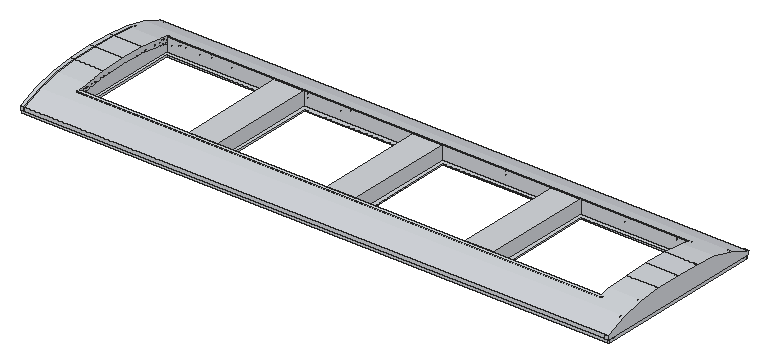
Revit family "Gira_0214331", category Electrical Fixtures, host Face, Revit 2017
Family settings
  Host = Face
  Maintain Annotation Orientation = No
  Round Connector Dimension = Use Diameter
  Part Type = Normal
  Cut with Voids When Loaded = No
  Shared = No
  Room Calculation Point = No
Parameters (values of type "Cov.fr. 4-g interm.fr. PW Gira Event Opaque dark brown")
  With mounting grid = "No"
  With hinged lid = "No"
  URL = "http://katalog.gira.de/en/datenblatt.html?artikelnr=0214331"
  Type of fastening = "Clamp mounting"
  Transparent = "No"
  Surface protection = "Other"
  Suitable for wall duct = "No"
  Suitable for flush-mounted installation = "Yes"
  Suitable for floor box = "No"
  Suitable for built-in installation = "No"
  Number of units vertical = "4"
  Number of units horizontal = "4"
  Number of units = "4"
  Name = "Cov.fr. 4-g interm.fr. PW Gira Event Opaque dark brown"
  Mounting direction = "Horizontal and vertical"
  Material quality = "Thermoplastic"
  Material = "Plastic"
  Manufacturer URL = "https://www.gira.de/"
  Manufacturer = "Gira"
  Label space/information surface = "No"
  Keynote = ""
  HeinzeBIM = "https://bimportal.heinze.de/bim/cov-fr-4-g-interm-fr-pw-gira-event-opaque-dark-brown/29a2aca03bf36f6b92650a260e191ee61d438113"
  Halogen free = "Yes"
  HAN = "0214331"
  GTIN = "4010337074717"
  Description = "Cov.fr.4g i.fr.PW EvOp DBN,Gira Event Opaque frames,dark brown with pure white glossy intermediate frame,4-gang,Features:,- Shatter-proof."
  Degree of protection (IP) = "IP20"
  Default Elevation = 1219.2 mm
  Data sheet (1) = "https://katalog.gira.de/en/download.html?artikelnr=0214331"
  Colour = "Brown"
  Category = "Cover frame for domestic switching devices"
  BIM (1) = "https://media.stage.bim.site/public/gira/36a6b08/Event_Rahmen_4fach.rfa"
  Available = "No"
Reference planes
  plane 1 "Center (Front/Back)": y = 0
  plane 2: z = 0
  plane 3 "Center (Left/Right)": x = 0
Forms (mm)
  Extrusion 1, solid, detail levels fine
    sketch origin (0, 0, 0.05) x (0, 1, 0) y (0, 0, 1)
      loop
        arc (12.445, 9.683) -> (6.223, 9.833) -> (0, 9.85) r 291.636
        arc (0, 9.85) -> (-6.223, 9.833) -> (-12.445, 9.683) r 291.636
        arc (-12.445, 9.683) -> (-29.14, 7.482) -> (-45, 1.823) r 79.728
        line (-45, 1.823) -> (-45, -0.05) -> (-42.086, -0.05)
        arc (-42.086, -0.05) -> (-21.385, 5.559) -> (0, 7.206) r 114.424
        arc (0, 7.206) -> (21.385, 5.559) -> (42.086, -0.05) r 114.424
        line (42.086, -0.05) -> (45, -0.05) -> (45, 1.823)
        arc (45, 1.823) -> (29.14, 7.482) -> (12.445, 9.683) r 79.728
    from -151.95 to 151.935
  Extrusion 2, void, detail levels fine
    sketch origin (0, 0, 0) x (1, 0, 0) y (0, 1, 0)
      loop
        line (134.95, 28.035) -> (-134.95, 28.035) -> (-134.95, -28.035) -> (134.95, -28.035) -> (134.95, 28.035)
    from 0.724 to 11
  Extrusion 3, solid, detail levels coarse
    sketch origin (0, 0, 0) x (1, 0, 0) y (0, 1, 0)
      loop
        line (-151.95, 45) -> (-151.95, -45) -> (151.935, -45) -> (151.935, 45) -> (-151.95, 45)
    from -1.5 to 9.9
  Extrusion 4, solid, detail levels medium
    sketch origin (0, 0, 0.05) x (0, 1, 0) y (0, 0, 1)
      loop
        arc (12.445, 9.683) -> (6.223, 9.833) -> (0, 9.85) r 291.636
        arc (0, 9.85) -> (-6.223, 9.833) -> (-12.445, 9.683) r 291.636
        arc (-12.445, 9.683) -> (-29.14, 7.482) -> (-45, 1.823) r 79.728
        line (-45, 1.823) -> (-45, -0.05) -> (45, -0.05) -> (45, 1.823)
        arc (45, 1.823) -> (29.14, 7.482) -> (12.445, 9.683) r 79.728
    from -151.95 to 151.935
  Extrusion 5, solid, detail levels fine
    sketch origin (-106.95, 0, -1.5) x (0, 1, 0) y (0, 0, -1)
      loop
        line (45, -3.373) -> (45, -1.5) -> (-45, -1.5) -> (-45, -3.373)
        arc (-45, -3.373) -> (-29.14, -9.032) -> (-12.445, -11.233) r 79.728
        arc (-12.445, -11.233) -> (-6.223, -11.383) -> (0, -11.4) r 291.636
        arc (0, -11.4) -> (6.223, -11.383) -> (12.445, -11.233) r 291.636
        arc (12.445, -11.233) -> (29.14, -9.032) -> (45, -3.373) r 79.728
    from 43 to 45
  Extrusion 6, solid, detail levels fine
    sketch origin (0, 0, 0) x (1, 0, 0) y (0, 1, 0)
      loop
        line (-132.85, 25.7) -> (-132.85, -25.7) -> (-81.05, -25.7) -> (-81.05, 25.7) -> (-132.85, 25.7)
      loop
        line (-9.755, -25.7) -> (-9.755, 25.7) -> (-61.555, 25.7) -> (-61.555, -25.7) -> (-9.755, -25.7)
      loop
        line (-135.845, 28.49) -> (-135.845, -28.495)
        spline (-135.845, -28.495) -> (-135.836, -28.625) -> (-135.811, -28.754) -> (-135.769, -28.878) -> (-135.711, -28.995) -> (-135.638, -29.104) -> (-135.552, -29.202) -> (-135.454, -29.288) -> (-135.345, -29.361) -> (-135.228, -29.419) -> (-135.104, -29.461) -> (-134.975, -29.486) -> (-134.845, -29.495)
        line (-134.845, -29.495) -> (134.845, -29.495)
        spline (134.845, -29.495) -> (134.975, -29.486) -> (135.104, -29.461) -> (135.228, -29.419) -> (135.345, -29.361) -> (135.454, -29.288) -> (135.552, -29.202) -> (135.638, -29.104) -> (135.711, -28.995) -> (135.769, -28.878) -> (135.811, -28.754) -> (135.836, -28.625) -> (135.845, -28.495)
        line (135.845, -28.495) -> (135.845, 28.49)
        spline (135.845, 28.49) -> (135.836, 28.62) -> (135.811, 28.748) -> (135.769, 28.872) -> (135.711, 28.99) -> (135.638, 29.098) -> (135.552, 29.197) -> (135.454, 29.283) -> (135.345, 29.356) -> (135.228, 29.413) -> (135.104, 29.456) -> (134.975, 29.481) -> (134.845, 29.49)
        line (134.845, 29.49) -> (-134.845, 29.49)
        spline (-134.845, 29.49) -> (-134.975, 29.481) -> (-135.104, 29.456) -> (-135.228, 29.413) -> (-135.345, 29.356) -> (-135.454, 29.283) -> (-135.552, 29.197) -> (-135.638, 29.098) -> (-135.711, 28.99) -> (-135.769, 28.872) -> (-135.811, 28.748) -> (-135.836, 28.62) -> (-135.845, 28.49)
      loop
        line (61.545, -25.7) -> (61.545, 25.7) -> (9.745, 25.7) -> (9.745, -25.7) -> (61.545, -25.7)
      loop
        line (132.85, -25.7) -> (132.85, 25.7) -> (81.05, 25.7) -> (81.05, -25.7) -> (132.85, -25.7)
    from 0.1 to 7.3
  Extrusion 7, solid
    sketch origin (0, 0, 0) x (1, 0, 0) y (0, 1, 0)
      loop
        arc (-151.65, -44.218) -> (-151.504, -44.572) -> (-151.15, -44.718) r 0.5
        line (-151.15, -44.718) -> (151.15, -44.718)
        arc (151.15, -44.718) -> (151.504, -44.572) -> (151.65, -44.218) r 0.5
        line (151.65, -44.218) -> (151.65, 44.182)
        arc (151.65, 44.182) -> (151.504, 44.535) -> (151.15, 44.682) r 0.5
        line (151.15, 44.682) -> (-151.15, 44.682)
        arc (-151.15, 44.682) -> (-151.504, 44.535) -> (-151.65, 44.182) r 0.5
        line (-151.65, 44.182) -> (-151.65, -44.218)
      loop
        line (-149.95, 42.982) -> (-149.95, -43.018) -> (149.95, -43.018) -> (149.95, 42.982) -> (-149.95, 42.982)
    from -1.5 to 0.5
  Extrusion 8, solid, detail levels fine
    sketch origin (106.935, 0, -1.5) x (0, 1, 0) y (0, 0, 1)
      loop
        arc (45, 3.373) -> (29.14, 9.032) -> (12.445, 11.233) r 79.728
        arc (12.445, 11.233) -> (6.223, 11.383) -> (0, 11.4) r 291.636
        arc (0, 11.4) -> (-6.223, 11.383) -> (-12.445, 11.233) r 291.636
        arc (-12.445, 11.233) -> (-29.14, 9.032) -> (-45, 3.373) r 79.728
        line (-45, 3.373) -> (-45, 1.5) -> (45, 1.5) -> (45, 3.373)
    from 43 to 45
  Extrusion 9, solid, detail levels medium
    sketch origin (0, 0, 0) x (1, 0, 0) y (0, 1, 0)
      loop
        line (-151.65, -44.718) -> (151.65, -44.718) -> (151.65, 44.682) -> (-151.65, 44.682) -> (-151.65, -44.718)
    from -1.5 to 0.5
  Extrusion 10, solid, detail levels fine
    sketch origin (-69.857, 0, 0) x (1, 0, 0) y (0, 1, 0)
      loop
        line (-8.943, 28.063) -> (-8.943, -27.937) -> (6.057, -27.937) -> (6.057, 28.063) -> (-8.943, 28.063)
    from 0.724 to 7.566
  Extrusion 11, solid, detail levels fine
    sketch origin (-1.443, 0, 0) x (-1, 0, 0) y (0, -1, 0)
      loop
        line (-8.943, -28.063) -> (6.057, -28.063) -> (6.057, 27.937) -> (-8.943, 27.937) -> (-8.943, -28.063)
    from 0.724 to 7.566
  Extrusion 12, solid, detail levels fine
    sketch origin (69.857, 0, 0) x (-1, 0, 0) y (0, -1, 0)
      loop
        line (-8.943, -28.063) -> (6.057, -28.063) -> (6.057, 27.937) -> (-8.943, 27.937) -> (-8.943, -28.063)
    from 0.724 to 7.566
Cuts and joins
  Extrusion 2 cuts Extrusion 1
  Extrusion 2 cuts Extrusion 6
Dimensions and locks
  aligned and locked: plane 2 to host face
  aligned and locked: level to host face
